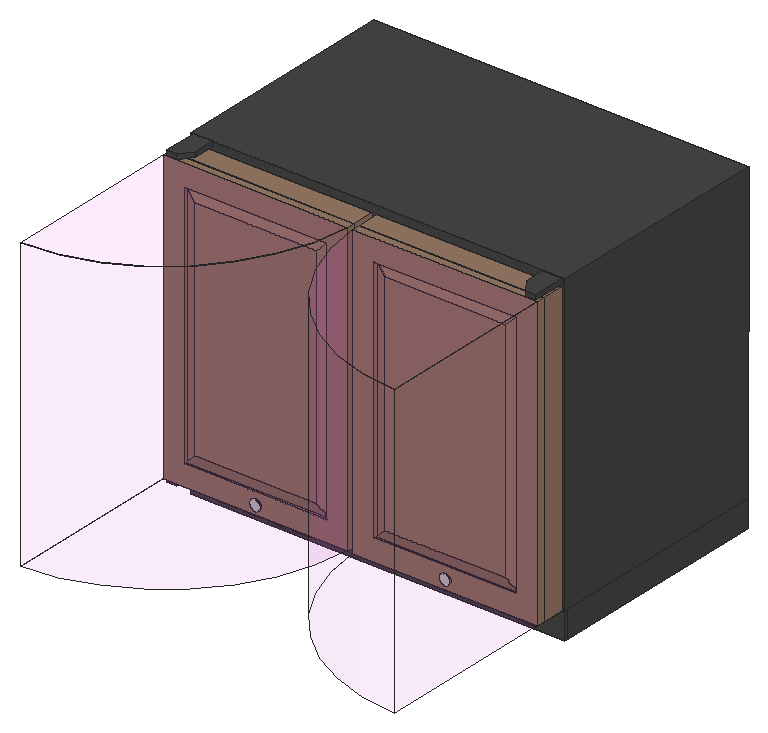
Revit family "QF_Summit_FFRF36IFADA_Refrigerator-Freezer", category Specialty Equipment, Revit 2020
Family settings
  Round Connector Dimension = Use Diameter
  Part Type = Normal
  Work Plane-Based = No
  Always vertical = Yes
  Cut with Voids When Loaded = No
  Shared = No
  Room Calculation Point = No
Parameters
  Weight in Pounds = 160
  Watts = Volts * FL Amps  # 149.5 W
  Volts = 115 V
  URL Cutsheet = ""
  Specification by User = ""
  Specification by Manufacturer = ""
  Show Door Clearance [instance] = yes
  Serial Number = ""
  Seismic Rating = ""
  SMACNA No = ""
  Revision Code = ""
  Refrigerant Volume = 0.00 kip
  Refrigerant Type = "R600a"
  Phase = 1
  Number of Poles = 1
  NAFEM Spec ID Number = ""
  Model = "FFRF36IFADA"
  Min Ckt Ampacity = 0 A
  Max Overcurrent Protection = 0 A
  Masterspec = ""
  Manufacturer = "Summit"
  Length = 35 1/2"
  Item Number = ""
  Installed By = ""
  Identify Quantity as Lot = yes
  Height = 31 1/2"
  HP = ""
  Furnished By = ""
  Foodservice Equipment Identifier = yes
  FL Amps = 1.3 A
  Electrical Remarks = ""
  Electric Connection Type = ""
  Elec Conn RI Height = 0"
  Elec Conn Connection Height = 0"
  Description = "Refrigerator Freezer"
  Depth = 24 1/4"
  Default Elevation = 0"
  Cycle = 60 Hz
  Conn Plug = ""
  Conn Conduit = yes
  CSI MasterFormat = ""
  BTUH = 0.0 Btu/h
  Apparent Power = if(Phase = 3, Volts * FL Amps * 1.73, Volts * FL Amps)  # 149.5 VA
Reference planes (in)
  plane 1 "BACK": y = 0
  plane 2: z = 0
  plane 3 "LEFT": x = 0
  plane 4 "RIGHT": x = 35.5
  plane 5 "FRONT": y = -24.25
  plane 6 "TOP": z = 31.5
  plane 7 "Center Y": x = 17.75
  plane 8 "Center X": y = -12.125
  plane 9: y = -25
  plane 10: y = -42
  plane 11: z = 0.75
  plane 12: x = 9.25
  plane 13: y = -21.75
  plane 14: z = 31
  plane 15: z = 3.25
  plane 16: x = 18
  plane 17: x = 17.5
Forms (in)
  Extrusion 1, solid, material "QF_Metallic_Paint_Black_Smooth"
    sketch origin (13.67442, -173.75, 0.25) x (-1, 0, 0) y (0, -1, 0)
      loop
        line (13.67442, -173.75) -> (13.67442, -152) -> (-21.82558, -152) -> (-21.82558, -173.75) -> (13.67442, -173.75)
    from 3 to 31.25
  Extrusion 2, solid, material "QF_Metallic_Paint_Black_Smooth"
    sketch origin (-6.83669, 0, 1.52816) x (1, 0, 0) y (0, 0, -1)
      loop
        circle (11.58669, -0.72184) r 0.25
    from 0 to 0.25
  Extrusion 3, solid, material "QF_Metal_Stainless_Polished"
    sketch origin (11.875, -25, 3.375) x (-1, 0, 0) y (0, 0, -1)
      loop
        circle (-14.875, -0.96645) r 0.5
    from 0 to 0.0625
  Revolve 4, solid, material "QF_Metallic_Paint_Black_Smooth"
    sketch origin (0.28125, -2, 0) x (1, 0, 0) y (0, 0, 1)
      loop
        line (1.5, 0.75) -> (1.35345, 0.75) -> (1.35345, 0.42728) -> (1, 0.42728) -> (1, 0) -> (1.5, 0) -> (1.5, 0.75)
      axis (1.5, 0.75) -> (1.5, 0)
    angle from 0 to 360
  Revolve 5, solid, material "QF_Metallic_Paint_Black_Smooth"
    sketch origin (0.28125, -19.75, 0) x (1, 0, 0) y (0, 0, 1)
      loop
        line (1.5, 0.75) -> (1.35345, 0.75) -> (1.35345, 0.42728) -> (1, 0.42728) -> (1, 0) -> (1.5, 0) -> (1.5, 0.75)
      axis (1.5, 0.75) -> (1.5, 0)
    angle from 0 to 360
  Extrusion 6, solid, material "QF_Metallic_Paint_Black_Smooth"
    sketch origin (17.75, 0, 0) x (1, 0, 0) y (0, 0, 1)
      loop
        line (-17.75, 3.25) -> (-17.75, 0.75) -> (17.75, 0.75) -> (17.75, 3.25) -> (-17.75, 3.25)
    from 0 to 21.5
  Extrusion 7, solid, material "QF_Metallic_Paint_Black_Smooth"
    sketch origin (9.97169, -21.75, 48) x (-1, 0, 0) y (0, 0, 1)
      loop
        line (9.97169, -44.75) -> (-25.52831, -44.75) -> (-25.52831, -47.25) -> (9.97169, -47.25) -> (9.97169, -44.75)
      loop
        line (7.23876, -45.12068) -> (5.64448, -45.12068)
        arc (5.64448, -45.12068) -> (5.51948, -45.24568) -> (5.64448, -45.37068) r 0.125
        line (5.64448, -45.37068) -> (7.23876, -45.37068)
        arc (7.23876, -45.37068) -> (7.36376, -45.24568) -> (7.23876, -45.12068) r 0.125
      loop
        line (7.23876, -45.92488) -> (5.64448, -45.92488)
        arc (5.64448, -45.92488) -> (5.51948, -46.04988) -> (5.64448, -46.17488) r 0.125
        line (5.64448, -46.17488) -> (7.23876, -46.17488)
        arc (7.23876, -46.17488) -> (7.36376, -46.04988) -> (7.23876, -45.92488) r 0.125
      loop
        line (7.23876, -46.72908) -> (5.64448, -46.72908)
        arc (5.64448, -46.72908) -> (5.51948, -46.85408) -> (5.64448, -46.97908) r 0.125
        line (5.64448, -46.97908) -> (7.23876, -46.97908)
        arc (7.23876, -46.97908) -> (7.36376, -46.85408) -> (7.23876, -46.72908) r 0.125
      loop
        line (4.8824, -45.12068) -> (3.28812, -45.12068)
        arc (3.28812, -45.12068) -> (3.16312, -45.24568) -> (3.28812, -45.37068) r 0.125
        line (3.28812, -45.37068) -> (4.8824, -45.37068)
        arc (4.8824, -45.37068) -> (5.0074, -45.24568) -> (4.8824, -45.12068) r 0.125
      loop
        line (4.8824, -45.92488) -> (3.28812, -45.92488)
        arc (3.28812, -45.92488) -> (3.16312, -46.04988) -> (3.28812, -46.17488) r 0.125
        line (3.28812, -46.17488) -> (4.8824, -46.17488)
        arc (4.8824, -46.17488) -> (5.0074, -46.04988) -> (4.8824, -45.92488) r 0.125
      loop
        line (4.8824, -46.72908) -> (3.28812, -46.72908)
        arc (3.28812, -46.72908) -> (3.16312, -46.85408) -> (3.28812, -46.97908) r 0.125
        line (3.28812, -46.97908) -> (4.8824, -46.97908)
        arc (4.8824, -46.97908) -> (5.0074, -46.85408) -> (4.8824, -46.72908) r 0.125
      loop
        line (2.52604, -45.12068) -> (0.93176, -45.12068)
        arc (0.93176, -45.12068) -> (0.80676, -45.24568) -> (0.93176, -45.37068) r 0.125
        line (0.93176, -45.37068) -> (2.52604, -45.37068)
        arc (2.52604, -45.37068) -> (2.65104, -45.24568) -> (2.52604, -45.12068) r 0.125
      loop
        line (2.52604, -45.92488) -> (0.93176, -45.92488)
        arc (0.93176, -45.92488) -> (0.80676, -46.04988) -> (0.93176, -46.17488) r 0.125
        line (0.93176, -46.17488) -> (2.52604, -46.17488)
        arc (2.52604, -46.17488) -> (2.65104, -46.04988) -> (2.52604, -45.92488) r 0.125
      loop
        line (2.52604, -46.72908) -> (0.93176, -46.72908)
        arc (0.93176, -46.72908) -> (0.80676, -46.85408) -> (0.93176, -46.97908) r 0.125
        line (0.93176, -46.97908) -> (2.52604, -46.97908)
        arc (2.52604, -46.97908) -> (2.65104, -46.85408) -> (2.52604, -46.72908) r 0.125
      loop
        line (0.16968, -45.12068) -> (-1.4246, -45.12068)
        arc (-1.4246, -45.12068) -> (-1.5496, -45.24568) -> (-1.4246, -45.37068) r 0.125
        line (-1.4246, -45.37068) -> (0.16968, -45.37068)
        arc (0.16968, -45.37068) -> (0.29468, -45.24568) -> (0.16968, -45.12068) r 0.125
      loop
        line (0.16968, -45.92488) -> (-1.4246, -45.92488)
        arc (-1.4246, -45.92488) -> (-1.5496, -46.04988) -> (-1.4246, -46.17488) r 0.125
        line (-1.4246, -46.17488) -> (0.16968, -46.17488)
        arc (0.16968, -46.17488) -> (0.29468, -46.04988) -> (0.16968, -45.92488) r 0.125
      loop
        line (0.16968, -46.72908) -> (-1.4246, -46.72908)
        arc (-1.4246, -46.72908) -> (-1.5496, -46.85408) -> (-1.4246, -46.97908) r 0.125
        line (-1.4246, -46.97908) -> (0.16968, -46.97908)
        arc (0.16968, -46.97908) -> (0.29468, -46.85408) -> (0.16968, -46.72908) r 0.125
      loop
        arc (-22.79538, -45.12068) -> (-22.92038, -45.24568) -> (-22.79538, -45.37068) r 0.125
        line (-22.79538, -45.37068) -> (-21.2011, -45.37068)
        arc (-21.2011, -45.37068) -> (-21.0761, -45.24568) -> (-21.2011, -45.12068) r 0.125
        line (-21.2011, -45.12068) -> (-22.79538, -45.12068)
      loop
        arc (-22.79538, -45.92488) -> (-22.92038, -46.04988) -> (-22.79538, -46.17488) r 0.125
        line (-22.79538, -46.17488) -> (-21.2011, -46.17488)
        arc (-21.2011, -46.17488) -> (-21.0761, -46.04988) -> (-21.2011, -45.92488) r 0.125
        line (-21.2011, -45.92488) -> (-22.79538, -45.92488)
      loop
        arc (-22.79538, -46.72908) -> (-22.92038, -46.85408) -> (-22.79538, -46.97908) r 0.125
        line (-22.79538, -46.97908) -> (-21.2011, -46.97908)
        arc (-21.2011, -46.97908) -> (-21.0761, -46.85408) -> (-21.2011, -46.72908) r 0.125
        line (-21.2011, -46.72908) -> (-22.79538, -46.72908)
      loop
        arc (-20.43902, -45.12068) -> (-20.56402, -45.24568) -> (-20.43902, -45.37068) r 0.125
        line (-20.43902, -45.37068) -> (-18.84474, -45.37068)
        arc (-18.84474, -45.37068) -> (-18.71974, -45.24568) -> (-18.84474, -45.12068) r 0.125
        line (-18.84474, -45.12068) -> (-20.43902, -45.12068)
      loop
        arc (-20.43902, -45.92488) -> (-20.56402, -46.04988) -> (-20.43902, -46.17488) r 0.125
        line (-20.43902, -46.17488) -> (-18.84474, -46.17488)
        arc (-18.84474, -46.17488) -> (-18.71974, -46.04988) -> (-18.84474, -45.92488) r 0.125
        line (-18.84474, -45.92488) -> (-20.43902, -45.92488)
      loop
        arc (-20.43902, -46.72908) -> (-20.56402, -46.85408) -> (-20.43902, -46.97908) r 0.125
        line (-20.43902, -46.97908) -> (-18.84474, -46.97908)
        arc (-18.84474, -46.97908) -> (-18.71974, -46.85408) -> (-18.84474, -46.72908) r 0.125
        line (-18.84474, -46.72908) -> (-20.43902, -46.72908)
      loop
        arc (-18.08266, -45.12068) -> (-18.20766, -45.24568) -> (-18.08266, -45.37068) r 0.125
        line (-18.08266, -45.37068) -> (-16.48838, -45.37068)
        arc (-16.48838, -45.37068) -> (-16.36338, -45.24568) -> (-16.48838, -45.12068) r 0.125
        line (-16.48838, -45.12068) -> (-18.08266, -45.12068)
      loop
        arc (-18.08266, -45.92488) -> (-18.20766, -46.04988) -> (-18.08266, -46.17488) r 0.125
        line (-18.08266, -46.17488) -> (-16.48838, -46.17488)
        arc (-16.48838, -46.17488) -> (-16.36338, -46.04988) -> (-16.48838, -45.92488) r 0.125
        line (-16.48838, -45.92488) -> (-18.08266, -45.92488)
      loop
        arc (-18.08266, -46.72908) -> (-18.20766, -46.85408) -> (-18.08266, -46.97908) r 0.125
        line (-18.08266, -46.97908) -> (-16.48838, -46.97908)
        arc (-16.48838, -46.97908) -> (-16.36338, -46.85408) -> (-16.48838, -46.72908) r 0.125
        line (-16.48838, -46.72908) -> (-18.08266, -46.72908)
      loop
        arc (-15.7263, -45.12068) -> (-15.8513, -45.24568) -> (-15.7263, -45.37068) r 0.125
        line (-15.7263, -45.37068) -> (-14.13202, -45.37068)
        arc (-14.13202, -45.37068) -> (-14.00702, -45.24568) -> (-14.13202, -45.12068) r 0.125
        line (-14.13202, -45.12068) -> (-15.7263, -45.12068)
      loop
        arc (-15.7263, -45.92488) -> (-15.8513, -46.04988) -> (-15.7263, -46.17488) r 0.125
        line (-15.7263, -46.17488) -> (-14.13202, -46.17488)
        arc (-14.13202, -46.17488) -> (-14.00702, -46.04988) -> (-14.13202, -45.92488) r 0.125
        line (-14.13202, -45.92488) -> (-15.7263, -45.92488)
      loop
        arc (-15.7263, -46.72908) -> (-15.8513, -46.85408) -> (-15.7263, -46.97908) r 0.125
        line (-15.7263, -46.97908) -> (-14.13202, -46.97908)
        arc (-14.13202, -46.97908) -> (-14.00702, -46.85408) -> (-14.13202, -46.72908) r 0.125
        line (-14.13202, -46.72908) -> (-15.7263, -46.72908)
    from 0 to 0.25
  Extrusion 8, solid, material "QF_Metallic_Paint_Black_Smooth"
    sketch origin (9.97169, -21.75, 48) x (1, 0, 0) y (0, 0, 1)
      loop
        line (2.55024, -44.97379) -> (2.55024, -46.56754) -> (13.00638, -46.56754) -> (13.00638, -44.97379) -> (2.55024, -44.97379)
    from 0 to 0.0625
  Extrusion 9, solid, material "Glass"
    sketch origin (9.97169, -21.8125, 48) x (1, 0, 0) y (0, 0, 1)
      loop
        line (5.89004, -45.42098) -> (5.89004, -46.01916) -> (7.52831, -46.01916) -> (7.52831, -45.42098) -> (5.89004, -45.42098)
      loop
        line (9.66658, -45.42098) -> (8.02831, -45.42098) -> (8.02831, -46.01916) -> (9.66658, -46.01916) -> (9.66658, -45.42098)
    from 0 to 0.03125
  Revolve 10, solid, material "QF_Metallic_Paint_Black_Smooth"
    sketch origin (35.21875, -2, 0) x (-1, 0, 0) y (0, 0, -1)
      loop
        line (1.5, -0.75) -> (1.5, 0) -> (1, 0) -> (1, -0.42728) -> (1.35345, -0.42728) -> (1.35345, -0.75) -> (1.5, -0.75)
      axis (1.5, -0.75) -> (1.5, 0)
    angle from 0 to 360
  Revolve 11, solid, material "QF_Metallic_Paint_Black_Smooth"
    sketch origin (35.21875, -19.75, 0) x (-1, 0, 0) y (0, 0, -1)
      loop
        line (1.5, -0.75) -> (1.5, 0) -> (1, 0) -> (1, -0.42728) -> (1.35345, -0.42728) -> (1.35345, -0.75) -> (1.5, -0.75)
      axis (1.5, -0.75) -> (1.5, 0)
    angle from 0 to 360
  Extrusion 12, solid, material "QF_Wood_Mahogany"
    sketch origin (23.52638, -181.125, 3.5) x (1, 0, 0) y (0, 1, 0)
      loop
        line (-6.02638, 156.875) -> (-6.02638, 158.95152) -> (-23.52638, 158.95152) -> (-23.52638, 156.875) -> (-6.02638, 156.875)
    from -0.03355 to 27.5
  Extrusion 13, solid, material "QF_Metallic_Paint_Black_Smooth"
    sketch origin (-5.75, -22.17348, 3.5) x (1, 0, 0) y (0, 0, -1)
      loop
        line (6.25, -0.46645) -> (6.25, -27) -> (22.75, -27) -> (22.75, -0.46645) -> (6.25, -0.46645)
    from 0 to 0.42348
  Extrusion 14, solid, material "QF_Metal_Stainless_Polished"
    sketch origin (-11.60425, -25, 48) x (-1, 0, 0) y (0, 0, 1)
      loop
        circle (-20.35425, -43.65855) r 0.5
    from 0 to -0.0625
  Extrusion 15, solid, material "QF_Metallic_Paint_Black_Smooth"
    sketch origin (23.52638, -181.125, 31.375) x (1, 0, 0) y (0, 1, 0)
      loop
        line (-23.27638, 159.375) -> (-23.27638, 156.23331) -> (-22.35352, 156.23331) -> (-21.46153, 157.375) -> (-21.46153, 159.375) -> (-23.27638, 159.375)
    from -0.375 to 0.125
  Extrusion 16, solid, material "QF_Metallic_Paint_Black_Smooth"
    sketch origin (23.52638, -181.125, 3.09145) x (0, -1, 0) y (-1, 0, 0)
      loop
        line (-157.375, 21.46153) -> (-156.23331, 22.35352) -> (-156.23331, 23.27638) -> (-159.375, 23.27638) -> (-159.375, 21.46153) -> (-157.375, 21.46153)
    from -0.375 to -0.15855
  Extrusion 17, solid, material "QF_Wood_Mahogany"
    sketch origin (23.625, -24, 3.375) x (-1, 0, 0) y (0, 0, 1)
      loop
        line (23.625, 27.625) -> (6.125, 27.625) -> (6.125, 0.09145) -> (23.625, 0.09145) -> (23.625, 27.625)
      loop
        line (21.625, 2.09145) -> (21.625, 25.625) -> (8.125, 25.625) -> (8.125, 2.09145) -> (21.625, 2.09145)
    from -0.25 to -1
  Blend 18, solid, material "QF_Wood_Mahogany"
    base sketch origin (23.625, -24.75, 3.375) x (1, 0, 0) y (0, 0, 1)
      loop
        line (-21.625, 25.625) -> (-21.625, 2.09145) -> (-8.125, 2.09145) -> (-8.125, 25.625) -> (-21.625, 25.625)
    top sketch origin (23.625, -24.75, 3.375) x (-1, 0, 0) y (0, 0, 1)
      loop
        line (20.625, 3.09145) -> (20.625, 24.625) -> (9.125, 24.625) -> (9.125, 3.09145) -> (20.625, 3.09145)
    from 0 to 0.25
  Extrusion 19, solid, material "QF_Clearances_Door_Drawer", visible <- "Show Door Clearance"
    sketch origin (21.82558, -186.75, 0.75) x (1, 0, 0) y (0, 1, 0)
      loop
        line (-21.82558, 161.75) -> (-21.82558, 144.75)
        arc (-21.82558, 144.75) -> (-9.77826, 149.85569) -> (-4.32558, 161.75) r 18.0895
        line (-4.32558, 161.75) -> (-21.82558, 161.75)
    from 2.71645 to 30.25
  Extrusion 20, solid, material "QF_Clearances_Door_Drawer", visible <- "Show Door Clearance"
    sketch origin (13.67442, -186.75, 0.75) x (-1, 0, 0) y (0, -1, 0)
      loop
        line (-21.82558, -161.75) -> (-4.32558, -161.75)
        arc (-4.32558, -161.75) -> (-9.77826, -149.85569) -> (-21.82558, -144.75) r 18.0895
        line (-21.82558, -144.75) -> (-21.82558, -161.75)
    from 2.71645 to 30.25
  Extrusion 21, solid, material "QF_Wood_Mahogany"
    sketch origin (11.97362, -181.125, 3.5) x (-1, 0, 0) y (0, -1, 0)
      loop
        line (-6.02638, -156.875) -> (-23.52638, -156.875) -> (-23.52638, -158.95152) -> (-6.02638, -158.95152) -> (-6.02638, -156.875)
    from -0.03355 to 27.5
  Extrusion 22, solid, material "QF_Metallic_Paint_Black_Smooth"
    sketch origin (41.25, -22.17348, 3.5) x (-1, 0, 0) y (0, 0, 1)
      loop
        line (6.25, 0.46645) -> (22.75, 0.46645) -> (22.75, 27) -> (6.25, 27) -> (6.25, 0.46645)
    from 0 to 0.42348
  Extrusion 23, solid, material "QF_Wood_Mahogany"
    sketch origin (11.875, -24, 3.375) x (1, 0, 0) y (0, 0, -1)
      loop
        line (23.625, -27.625) -> (23.625, -0.09145) -> (6.125, -0.09145) -> (6.125, -27.625) -> (23.625, -27.625)
      loop
        line (21.625, -2.09145) -> (8.125, -2.09145) -> (8.125, -25.625) -> (21.625, -25.625) -> (21.625, -2.09145)
    from -0.25 to -1
  Blend 24, solid, material "QF_Wood_Mahogany"
    base sketch origin (11.875, -24.75, 3.375) x (-1, 0, 0) y (0, 0, -1)
      loop
        line (-21.625, -25.625) -> (-8.125, -25.625) -> (-8.125, -2.09145) -> (-21.625, -2.09145) -> (-21.625, -25.625)
    top sketch origin (11.875, -24.75, 3.375) x (1, 0, 0) y (0, 0, -1)
      loop
        line (20.625, -3.09145) -> (9.125, -3.09145) -> (9.125, -24.625) -> (20.625, -24.625) -> (20.625, -3.09145)
    from 0 to 0.25
  Extrusion 25, solid, material "QF_Metallic_Paint_Black_Smooth"
    sketch origin (11.97362, -181.125, 31.375) x (-1, 0, 0) y (0, -1, 0)
      loop
        line (-23.27638, -159.375) -> (-21.46153, -159.375) -> (-21.46153, -157.375) -> (-22.35352, -156.23331) -> (-23.27638, -156.23331) -> (-23.27638, -159.375)
    from -0.375 to 0.125
  Extrusion 26, solid, material "QF_Metallic_Paint_Black_Smooth"
    sketch origin (11.97362, -181.125, 3.09145) x (0, 1, 0) y (1, 0, 0)
      loop
        line (157.375, 21.46153) -> (159.375, 21.46153) -> (159.375, 23.27638) -> (156.23331, 23.27638) -> (156.23331, 22.35352) -> (157.375, 21.46153)
    from -0.375 to -0.15855
Lines and regions (in)
  symbolic lines
    curve 1: line (0, 0, 0) -> (35.5, 0, 0)
    curve 2: line (35.5, 0, 0) -> (35.5, -21.75, 0)
    curve 3: line (35.5, -21.75, 0) -> (0, -21.75, 0)
    curve 4: line (0, -21.75, 0) -> (0, 0, 0)
    curve 5: line (0.25, -21.75, 0) -> (0.25, -24.89169, 0)
    curve 6: line (0.25, -24.89169, 0) -> (1.17286, -24.89169, 0)
    curve 7: line (1.17286, -24.89169, 0) -> (2.06485, -23.75, 0)
    curve 8: line (2.06485, -23.75, 0) -> (2.06485, -21.75, 0)
    curve 9: line (35.25, -21.75, 0) -> (35.25, -24.89169, 0)
    curve 10: line (35.25, -24.89169, 0) -> (34.32714, -24.89169, 0)
    curve 11: line (34.32714, -24.89169, 0) -> (33.43515, -23.75, 0)
    curve 12: line (33.43515, -23.75, 0) -> (33.43515, -21.75, 0)
    curve 13: line (35.5, -22.17348, 0) -> (35.5, -25, 0)
    curve 14: line (35.5, -25, 0) -> (18, -25, 0)
    curve 15: line (18, -25, 0) -> (18, -22.17348, 0)
    curve 16: line (18, -22.17348, 0) -> (33.43515, -22.17348, 0)
    curve 17: line (35.5, -24.25, 0) -> (35.25, -24.25, 0)
    curve 18: line (18.5, -22.17348, 0) -> (18.5, -21.75, 0)
    curve 19: line (35.25, -22.17348, 0) -> (35.5, -22.17348, 0)
    curve 20: line (33.82579, -24.25, 0) -> (18, -24.25, 0)
    curve 21: line (0, -22.17348, 0) -> (0, -25, 0)
    curve 22: line (0, -25, 0) -> (17.5, -25, 0)
    curve 23: line (17.5, -22.17348, 0) -> (2.06485, -22.17348, 0)
    curve 24: line (0, -24.25, 0) -> (0.25, -24.25, 0)
    curve 25: line (0.25, -22.17348, 0) -> (0, -22.17348, 0)
    curve 26: line (1.67421, -24.25, 0) -> (17.5, -24.25, 0)
    curve 27: line (17.5, -25, 0) -> (17.5, -22.17348, 0)
    curve 32: line (17, -22.17348, 0) -> (17, -21.75, 0)
  symbolic lines, style "QF_Clearances_Door_Drawer", visible <- "Show Door Clearance"
    curve 28: line (0, -25, 0) -> (14.76968, -33.52728, 0)
    curve 29: line (35.5, -25, 0) -> (20.73032, -33.52728, 0)
    curve 30: arc (14.76968, -33.52728, 0) -> (16.67077, -29.43524, 0) -> (17.5, -25, 0) r 18.0895
    curve 31: arc (18, -25, 0) -> (18.82923, -29.43524, 0) -> (20.73032, -33.52728, 0) r 18.0895
Dimensions and locks (in)
  equal spacing: plane 3 "LEFT", plane 7 "Center Y", plane 4 "RIGHT"
  "Length": plane 3 "LEFT" to plane 4 "RIGHT"
  equal spacing: plane 5 "FRONT", plane 8 "Center X", plane 1 "BACK"
  "Depth": plane 5 "FRONT" to plane 1 "BACK"
  "Height": plane 6 "TOP" to level
  plane 4 "RIGHT" to plane 3 "LEFT" = 35 1/2"
  locked: plane 9 to plane 5 "FRONT" at 0.75
  plane 11 to plane 2 = 3/4"
  plane 10 to plane 1 "BACK" = 42"
  plane 13 to plane 1 "BACK" = 21 3/4"
  plane 15 to plane 11 = 2 1/2"
  plane 14 to plane 15 = 27 3/4"
  aligned and locked: level to plane 2
Automatic sketch dimensions
  plane 1 "BACK" to Extrusion 1 sketch curve = 0"
  Extrusion 1 sketch curve to plane 4 "RIGHT" = 0"
  Extrusion 1 sketch curve to plane 3 "LEFT" = 0"
  Extrusion 1 sketch curve to plane 13 = 0"
  Extrusion 2 sketch curve to Extrusion 1 = 1"
  Extrusion 2 sketch curve to Extrusion 1 = 4 3/4"
  Revolve 4 sketch curve to level = 0"  (x2)
  Revolve 4 sketch curve to plane 11 = 0"
  Revolve 4 sketch curve to plane 11 = 0.32272"
  plane 3 "LEFT" to Revolve 4 sketch curve = 1 9/32"
  Revolve 4 sketch curve to Revolve 4 sketch curve = 0.35345"
  Revolve 4 sketch curve to Revolve 4 sketch curve = 0.14655"
  Revolve 4 sketch curve to Revolve 4 sketch curve = 0"
  Revolve 4 sketch curve to Revolve 4 sketch curve = 0.31634"
  Revolve 5 sketch curve to level = 0"  (x2)
  Revolve 5 sketch curve to plane 11 = 0"
  Revolve 5 sketch curve to plane 11 = 0.32272"
  plane 3 "LEFT" to Revolve 5 sketch curve = 1 9/32"
  Revolve 5 sketch curve to Revolve 5 sketch curve = 0.35345"
  Revolve 5 sketch curve to Revolve 5 sketch curve = 0.14655"
  Revolve 5 sketch curve to Revolve 5 sketch curve = 0"
  Revolve 5 sketch curve to Revolve 5 sketch curve = 0.31634"
  Extrusion 6 sketch curve to plane 3 "LEFT" = 0"
  plane 4 "RIGHT" to Extrusion 6 sketch curve = 0"
  Extrusion 6 sketch curve to plane 11 = 0"
  Extrusion 6 sketch curve to plane 15 = 0"
  plane 4 "RIGHT" to Extrusion 7 sketch curve = 0"
  Extrusion 7 sketch curve to plane 3 "LEFT" = 0"
  Extrusion 7 sketch curve to plane 11 = 0"
  Extrusion 7 sketch curve to plane 15 = 0"
  plane 11 to Extrusion 7 sketch curve = 0.27092"  (x7)
  plane 4 "RIGHT" to Extrusion 7 sketch curve = 2.73293"
  Extrusion 7 sketch curve to plane 15 = 0.37068"  (x5)
  Extrusion 7 sketch curve to Extrusion 7 sketch curve = 0"  (x26)
  Extrusion 7 sketch curve to plane 15 = 0.49568"  (x2)
  Extrusion 7 sketch curve to Extrusion 7 sketch curve = 1.59428"  (x7)
  Extrusion 7 sketch curve to Extrusion 7 sketch curve = 0.76208"  (x7)
  Extrusion 7 sketch curve to plane 12 = 2.14629"
  plane 11 to Extrusion 7 sketch curve = 0.39592"
  Extrusion 7 sketch curve to plane 12 = 0.55201"  (x3)
  plane 12 to Extrusion 7 sketch curve = 0.21007"  (x3)
  Extrusion 7 sketch curve to Extrusion 7 sketch curve = 1/8"  (x19)
  Extrusion 7 sketch curve to Extrusion 7 sketch curve = 0.5542"  (x10)
  Extrusion 7 sketch curve to Extrusion 7 sketch curve = 1/4"  (x4)
  Extrusion 8 sketch curve to Extrusion 7 = 0.16155"
  Extrusion 8 sketch curve to Extrusion 7 = 12.52193"
  Extrusion 8 sketch curve to Extrusion 8 sketch curve = 10.45614"
  Extrusion 8 sketch curve to Extrusion 7 = 0.14689"
  Extrusion 9 sketch curve to Extrusion 8 = 0.54838"  (x2)
  Extrusion 9 sketch curve to Extrusion 8 = 3.3398"
  Extrusion 9 sketch curve to Extrusion 9 sketch curve = 1.63827"  (x2)
  Extrusion 9 sketch curve to Extrusion 9 sketch curve = 1/2"
  Extrusion 9 sketch curve to Extrusion 8 = 0.44719"  (x2)
  Revolve 10 sketch curve to level = 0"  (x2)
  Revolve 10 sketch curve to plane 11 = 0"
  Revolve 10 sketch curve to plane 11 = 0.32272"
  plane 4 "RIGHT" to Revolve 10 sketch curve = 1 9/32"
  Revolve 10 sketch curve to Revolve 10 sketch curve = 0.35345"
  Revolve 10 sketch curve to Revolve 10 sketch curve = 0.14655"
  Revolve 10 sketch curve to Revolve 10 sketch curve = 0"
  Revolve 10 sketch curve to level = 0.31634"
  Revolve 11 sketch curve to level = 0"  (x2)
  Revolve 11 sketch curve to plane 11 = 0"
  Revolve 11 sketch curve to plane 11 = 0.32272"
  plane 4 "RIGHT" to Revolve 11 sketch curve = 1 9/32"
  Revolve 11 sketch curve to Revolve 11 sketch curve = 0.35345"
  Revolve 11 sketch curve to Revolve 11 sketch curve = 0.14655"
  Revolve 11 sketch curve to Revolve 11 sketch curve = 0"
  Revolve 11 sketch curve to level = 0.31634"
  Extrusion 12 sketch curve to plane 3 "LEFT" = 0"
  Extrusion 12 sketch curve to plane 17 = 0"
  plane 5 "FRONT" to Extrusion 12 sketch curve = 0"
  Extrusion 12 sketch curve to plane 13 = 0.42348"
  Extrusion 12 to Extrusion 13 sketch curve = 1/2"  (x3)
  Extrusion 13 sketch curve to Extrusion 12 = 1/2"
  plane 12 to Extrusion 14 sketch curve = 1/2"
  plane 15 to Extrusion 14 sketch curve = 1.09145"
  Extrusion 15 sketch curve to plane 13 = 0"
  plane 9 to Extrusion 15 sketch curve = 0.10831"
  plane 3 "LEFT" to Extrusion 15 sketch curve = 1/4"
  Extrusion 15 sketch curve to Extrusion 15 sketch curve = 0.92286"
  Extrusion 15 sketch curve to plane 5 "FRONT" = 1/2"
  Extrusion 15 sketch curve to Extrusion 15 sketch curve = 0.89199"
  Extrusion 16 sketch curve to plane 13 = 0"
  Extrusion 16 sketch curve to plane 5 "FRONT" = 1/2"
  plane 9 to Extrusion 16 sketch curve = 0.10831"
  plane 3 "LEFT" to Extrusion 16 sketch curve = 1/4"
  Extrusion 16 sketch curve to Extrusion 16 sketch curve = 0.92286"
  Extrusion 16 sketch curve to Extrusion 16 sketch curve = 1.81485"
  Extrusion 17 sketch curve to plane 14 = 0"
  plane 17 to Extrusion 17 sketch curve = 0"
  Extrusion 17 sketch curve to plane 3 "LEFT" = 0"
  plane 17 to Extrusion 17 sketch curve = 2"
  plane 3 "LEFT" to Extrusion 17 sketch curve = 2"
  Extrusion 17 sketch curve to plane 14 = 2"
  plane 15 to Extrusion 17 sketch curve = 2.21645"
  plane 15 to Extrusion 17 sketch curve = 0.21645"
  plane 3 "LEFT" to Blend 18 sketch curve = 2"
  plane 17 to Blend 18 sketch curve = 2"
  plane 15 to Blend 18 sketch curve = 2.21645"
  Blend 18 sketch curve to plane 14 = 2"
  plane 17 to Blend 18 sketch curve = 3"
  plane 3 "LEFT" to Blend 18 sketch curve = 3"
  plane 15 to Blend 18 sketch curve = 3.21645"
  Blend 18 sketch curve to plane 14 = 3"
  Extrusion 19 sketch curve to plane 3 "LEFT" = 0"
  Extrusion 19 sketch curve to plane 9 = 0"
  Extrusion 19 sketch curve to plane 17 = 0"
  Extrusion 19 sketch curve to plane 10 = 0"
  Extrusion 19 sketch curve to plane 5 "FRONT" = 0.33092"
  Extrusion 20 sketch curve to plane 4 "RIGHT" = 0"
  Extrusion 20 sketch curve to plane 9 = 0"
  Extrusion 20 sketch curve to plane 16 = 0"
  Extrusion 20 sketch curve to plane 10 = 0"
  Extrusion 20 sketch curve to plane 5 "FRONT" = 0.33092"
  Extrusion 21 sketch curve to plane 4 "RIGHT" = 0"
  Extrusion 21 sketch curve to plane 16 = 0"
  plane 5 "FRONT" to Extrusion 21 sketch curve = 0"
  Extrusion 21 sketch curve to plane 13 = 0.42348"
  Extrusion 21 to Extrusion 22 sketch curve = 1/2"  (x3)
  Extrusion 22 sketch curve to Extrusion 21 = 1/2"
  Extrusion 23 sketch curve to plane 14 = 0"
  Extrusion 23 sketch curve to plane 16 = 0"
  plane 4 "RIGHT" to Extrusion 23 sketch curve = 0"
  plane 16 to Extrusion 23 sketch curve = 2"
  plane 4 "RIGHT" to Extrusion 23 sketch curve = 2"
  Extrusion 23 sketch curve to plane 14 = 2"
  plane 15 to Extrusion 23 sketch curve = 2.21645"
  plane 15 to Extrusion 23 sketch curve = 0.21645"
  plane 4 "RIGHT" to Blend 24 sketch curve = 2"
  plane 16 to Blend 24 sketch curve = 2"
  Blend 24 sketch curve to plane 14 = 2"
  plane 15 to Blend 24 sketch curve = 2.21645"
  plane 16 to Blend 24 sketch curve = 3"
  plane 4 "RIGHT" to Blend 24 sketch curve = 3"
  Blend 24 sketch curve to plane 14 = 3"
  plane 15 to Blend 24 sketch curve = 3.21645"
  Extrusion 25 sketch curve to plane 13 = 0"
  plane 9 to Extrusion 25 sketch curve = 0.10831"
  plane 4 "RIGHT" to Extrusion 25 sketch curve = 1/4"
  Extrusion 25 sketch curve to Extrusion 25 sketch curve = 0.92286"
  Extrusion 25 sketch curve to plane 5 "FRONT" = 1/2"
  Extrusion 25 sketch curve to Extrusion 25 sketch curve = 0.89199"
  Extrusion 26 sketch curve to plane 13 = 0"
  Extrusion 26 sketch curve to plane 5 "FRONT" = 1/2"
  plane 9 to Extrusion 26 sketch curve = 0.10831"
  plane 4 "RIGHT" to Extrusion 26 sketch curve = 1/4"
  Extrusion 26 sketch curve to Extrusion 26 sketch curve = 0.92286"
  Extrusion 26 sketch curve to Extrusion 26 sketch curve = 1.81485"
  curve 22 to plane 3 "LEFT" = 0"
  plane 1 "BACK" to curve 1 = 0"
  curve 1 to plane 3 "LEFT" = 0"
  plane 5 "FRONT" to curve 24 = 0"
  curve 5 to plane 13 = 0"
  plane 5 "FRONT" to curve 26 = 0"
  curve 30 to plane 9 = 0"
  curve 30 to plane 17 = 0"
  curve 31 to plane 9 = 0"
  curve 31 to plane 16 = 0"
  plane 5 "FRONT" to curve 20 = 0"
  plane 5 "FRONT" to curve 17 = 0"
  curve 3 to plane 4 "RIGHT" = 0"
  curve 13 to plane 4 "RIGHT" = 0"
  curve 30 to plane 3 "LEFT" = 0.55718"
  plane 9 to curve 5 = 0.10831"
  plane 3 "LEFT" to curve 5 = 1/4"
  curve 5 to curve 7 = 0.92286"
  curve 8 to plane 5 "FRONT" = 1/2"
  curve 6 to curve 8 = 0.89199"
  plane 17 to curve 28 = 2.73032"
  plane 16 to curve 29 = 2.73032"
  curve 12 to plane 5 "FRONT" = 1/2"
  plane 4 "RIGHT" to curve 12 = 2.06485"
  plane 9 to curve 10 = 0.10831"
  plane 4 "RIGHT" to curve 10 = 1.17286"
  plane 4 "RIGHT" to curve 9 = 1/4"
  curve 31 to plane 4 "RIGHT" = 0.55718"
  curve 28 to curve 30 = 8.52728"
  curve 28 to curve 29 = 0"
  curve 19 to plane 13 = 0.42348"
  curve 16 to plane 13 = 0.42348"
  curve 21 to plane 13 = 0.42348"
  curve 27 to plane 13 = 0.42348"
  plane 17 to curve 32 = 1/2"
  plane 16 to curve 18 = 1/2"
  Extrusion 23 to Extrusion 3 sketch curve = 7/8"
  Extrusion 3 sketch curve to Extrusion 23 = 6 3/4"
  radius of Extrusion 2 sketch curve = 1/4"
  radius of Extrusion 14 sketch curve = 1/2"
  radius of Extrusion 3 sketch curve = 1/2"
Connectors (in)
  electrical at (4.75, 0.25, 2.25), driven by "Volts", driven by "Watts"
    settings: on Extrusion 2, index 4, voltage 115 V, apparent load 149.5 VA, apparent load phase1 0 VA, apparent load phase2 0 VA, apparent load phase3 0 VA, power factor 1, load classification "Other", number of poles 1, system type 30, power factor state 1, is connector primary yes, connector utility no, sub classification motor no, connector description ""
